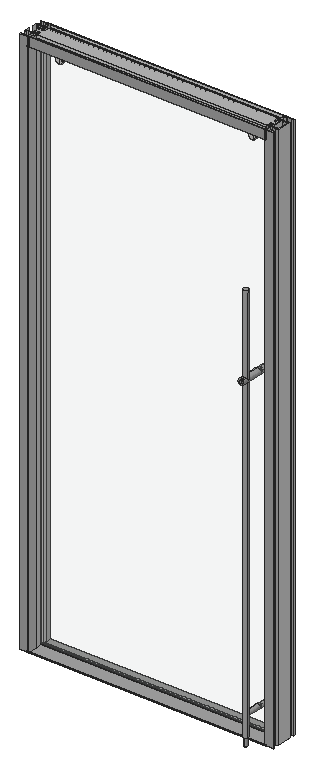
Revit family "Doors_Sliding_Avanti_Systems_Cloud-Eclipse-Sliding-Glass-Pocket-Doors_Solid-wall", category Doors, host Wall, Revit 2022
Family settings
  Host = Wall
  OmniClass Number = 23.30.10.00
  OmniClass Title = Doors
  Always vertical = Yes
  Cut with Voids When Loaded = No
  Shared = No
  Room Calculation Point = No
Parameters (values of type "Load Family Type Catalog")
  Youtube clip = ""
  Weight Net (Kg) = "0"
  Warranty = "1 year"  # constant formula
  Uniformat II Description = "Interior Doors"
  Uniformat II Code = "C1020"
  Uniclass 2015 Name = "Sliding door and partition sets"
  Uniclass 2015 Code = "Pr_30_59_24_80"
  Uniclass 2.0 Description = "Sliding Door And Partition Sets"
  Uniclass 2.0 Code = "PR-59-23-77"
  Uniclass 1.4 Description = "Doors"
  Uniclass 1.4 Code = "JL20"
  URL = "https://www.avantisystemsusa.com"
  UNSPSC Code = "30171501"
  Type = 2
  Thickness = if(Type = 1, 1/2", 3/8")  # 3/8"
  Technical description = "https://www.avantisystemsusa.com/wp-content/uploads/products/17-pocket-doors/POCKET-SLDING-GLASS-DOOR.pdf"
  Sound Rating = 0
  Region South America = "All"
  Region Oceania = "All"
  Region North America = "All"
  Region Middle East = "All"
  Region Europe = "All"
  Region Asia = "All"
  Region Antarctica = "All"
  Region Africa = "All"
  QR code = "http://bimobject.com/avantisystems/product/avanti-eclipse-pocket-door"
  Product url = "https://www.avantisystemsusa.com/glass-products/doors/sliding-doors/pocket-doors/"
  Product group = "Pocket Doors"
  Product family = "Sliding Doors"
  Product data url = "https://bimobject.com/avantisystems/product/avanti-eclipse-pocket-door"
  Product certification = ""
  Product SKU = "avanti-eclipse-pocket-door"
  Product Guid = "fa5a576a-2abc-4d75-8a27-b0dd0871f092"
  OmniClass Description = "Sliding All Glass Doors"
  OmniClass Code = "23-17 11 23 13"
  Nominal width = 0"
  Nominal height = 0"
  NBS Reference Description = "Sliding Door And Partition Sets"
  NBS Reference Code = "59-23-77"
  Model = "Eclipse™ Sliding Glass Pocket Doors"  # constant formula
  Material secondary = "Aluminium"
  Material main = "Glass"
  Masterformat 2014 Description = "Sliding Aluminum-Framed Glass Doors"
  Masterformat 2014 Code = "08 32 13"
  Manufacturer name = "Avanti Systems"
  Manufacturer country = ""
  Manufacturer = "Avanti Systems USA"  # constant formula
  Ladder Pull Height [instance] = 18"
  LEED compatibility = "YES"  # constant formula
  Installation instructions = ""
  IFC Classification = "Door"
  Hardware material [instance] = Stainless Steel - Avanti- Brushed Finish
  Handle type [instance] = Handle : 60" Ladder Pull
  Glass Width [instance] = 35.90164"
  Glass Material = Glass - Avanti - Laminated Glass
  Glass Marker = yes
  Glass Height [instance] = 80.57307"
  Function = Interior
  Frame Projection Ext. = 0.98425"
  Frame Projection Int. = 0.98425"
  Frame Width = 2.95276"
  Height = 82.67717"
  Wall Closure = By host
  Width = 38"
  Frame Parameter [instance] = Polyester powder - Avanti - White aluminium METALLIC - RAL9006
  Edition number = 1
  EAN code = ""
  Design country = "United States"
  Description = "The Pocket Sliding Glass Door slides smoothly into our Solare™ Double Glazed Partition System or a solid traditional wall offering a space saving, ultramodern interior entryway, pleasing to the eye."  # constant formula
  Define Thermal Properties by = Schematic Type
  Date of publishing = ""
  Clear Anodic Finish = "AAMA 611, AA-M12c22A31, Class II, 0.01mm or thicker"  # constant formula
  COBIe Type Category = ""
  Brand url = "http://www.avantisystemsusa.com/"
  BIMobject main category code = "doors"
  BIMobject main category = "Doors"
  BIMobject category code = "doors-sliding"
  BIMobject category = "Sliding"
  Analytic Construction = "<None>"
  60” Locking Ladder Pull [instance] = yes
Reference planes (in)
  plane 1: y = 0
  plane 2 "Center (Left/Right)": x = 0
  plane 3 "Left": x = -19
  plane 4 "Right": x = 19
  plane 5 "Exterior": y = 2.9486
  plane 6 "Interior": y = -2.95691
  plane 7: x = 15.21289
  plane 8: x = 14.46289
  plane 9: x = -14.47244
  plane 10: y = 0.1875
  plane 11: y = -0.1875
  plane 12: z = 82.67717
  plane 13: z = 80.94807
  plane 14: z = 40.47403
  plane 15: z = 18
  plane 16: x = -57
Forms (in)
  Extrusion 1, solid, material "Glass - Avanti - Laminated Glass" <- "Glass Material"
    sketch origin (-3.35101, -0.89893, 0) x (1, 0, 0) y (0, 1, 0)
      loop
        line (-14.62786, 1.08643) -> (-14.62786, 0.71143) -> (21.27378, 0.71143) -> (21.27378, 1.08643) -> (-14.62786, 1.08643)
    from 0.375 to 80.94807
  Sweep 2, solid, material "Polyester powder - Avanti - White aluminium METALLIC - RAL9006" <- "Frame Parameter"
    path origin (-3.14114, -0.00831, 0) x (1, 0, 0) y (0, 0, 1)
      loop
        line (21.0639, 82.67717) -> (21.0639, 0)
    profile origin (17.92277, -0.00831, 41.33858) x (0, -1, 0) y (1, 0, 0)
      loop
        line (-0.96, -0.65725) -> (-0.3916, -0.65725) -> (-0.31686, -0.37561) -> (-0.47457, -0.33335) -> (-0.54529, -0.59725) -> (-0.78, -0.59725) -> (-0.78, 0) -> (0.78, 0) -> (0.78, -0.59725) -> (0.54261, -0.59725) -> (0.47138, -0.33141) -> (0.31303, -0.37384) -> (0.38896, -0.65725) -> (0.96, -0.65725) -> (2, -0.21489) -> (2, 1.08111) -> (1.85056, 1.08111) -> (1.77462, 0.7977) -> (1.94, 0.75339) -> (1.94, -0.00002) -> (0.98901, -0.00002) -> (0.98901, 0.75581) -> (1.14538, 0.7977) -> (1.06996, 1.07917) -> (-1.06996, 1.07917) -> (-1.14538, 0.7977) -> (-0.98901, 0.75581) -> (-0.98901, -0.00002) -> (-1.94, -0.00002) -> (-1.94, 0.75339) -> (-1.77462, 0.7977) -> (-1.85056, 1.08111) -> (-2, 1.08111) -> (-2, -0.21489) -> (-0.96, -0.65725)
      loop
        line (-0.91988, 0.05998) -> (0.91988, 0.05998) -> (0.91988, 1.01917) -> (-0.91988, 1.01917) -> (-0.91988, 0.05998)
      loop
        line (0.94777, -0.59725) -> (1.94, -0.17521) -> (1.94, -0.06002) -> (0.84, -0.06002) -> (0.84, -0.59725) -> (0.94777, -0.59725)
      loop
        line (-0.94777, -0.59725) -> (-0.84, -0.59725) -> (-0.84, -0.06002) -> (-1.94, -0.06002) -> (-1.94, -0.17521) -> (-0.94777, -0.59725)
  Sweep 3, solid, material "Polyester powder - Avanti - White aluminium METALLIC - RAL9006" <- "Frame Parameter"
    path origin (-3.35295, -0.00831, 0) x (1, 0, 0) y (0, 0, 1)
      loop
        line (-14.56602, 82.67717) -> (-14.56602, 0)
    profile origin (-17.91897, -0.00831, 41.33858) x (0, -1, 0) y (1, 0, 0)
      loop
        line (-1.85056, -1.08103) -> (-1.77462, -0.79762) -> (-1.94, -0.75331) -> (-1.94, 0.0001) -> (-0.98901, 0.0001) -> (-0.98901, -0.75573) -> (-1.14538, -0.79762) -> (-1.06996, -1.07909) -> (-0.34, -1.07909) -> (-0.34, -1.01909) -> (-0.91988, -1.01909) -> (-0.91988, -0.0599) -> (-0.34, -0.0599) -> (-0.34, 0) -> (-0.78, 0) -> (-0.78, 0.59733) -> (-0.54529, 0.59733) -> (-0.47457, 0.33343) -> (-0.31686, 0.37569) -> (-0.3916, 0.65732) -> (-0.96001, 0.65732) -> (-2, 0.21497) -> (-2, -1.08103) -> (-1.85056, -1.08103)
      loop
        line (-1.94, 0.0601) -> (-0.84, 0.0601) -> (-0.84, 0.59733) -> (-0.94777, 0.59733) -> (-1.94, 0.17529) -> (-1.94, 0.0601)
      loop
        line (1.85056, -1.08103) -> (2, -1.08103) -> (2, 0.21497) -> (0.96001, 0.65732) -> (0.3916, 0.65732) -> (0.31686, 0.37569) -> (0.47457, 0.33343) -> (0.54529, 0.59733) -> (0.78, 0.59733) -> (0.78, 0) -> (0.34, 0) -> (0.34, -0.0599) -> (0.91988, -0.0599) -> (0.91988, -1.01909) -> (0.34, -1.01909) -> (0.34, -1.07909) -> (1.06996, -1.07909) -> (1.14538, -0.79762) -> (0.98901, -0.75573) -> (0.98901, 0.0001) -> (1.94, 0.0001) -> (1.94, -0.75331) -> (1.77462, -0.79762) -> (1.85056, -1.08103)
      loop
        line (1.94, 0.0601) -> (1.94, 0.17529) -> (0.94777, 0.59733) -> (0.84, 0.59733) -> (0.84, 0.0601) -> (1.94, 0.0601)
  Sweep 4, solid, material "Polyester powder - Avanti - White aluminium METALLIC - RAL9006" <- "Frame Parameter"
    path origin (0.00194, 2.90369, 0.00189) x (1, 0, 0) y (0, 0, 1)
      loop
        line (17.92083, 82.67717) -> (-17.98081, 82.67717)
    profile origin (-0.02805, 2.90369, 82.67906) x (0, 0, -1) y (0, -1, 0)
      loop
        line (0.00189, 0.89328) -> (1.29789, 0.89328) -> (1.74025, 1.93328) -> (1.74025, 2.19328) -> (1.68025, 2.19328) -> (1.68025, 2.11328) -> (1.08274, 2.11328) -> (1.08274, 2.19328) -> (1.02271, 2.19328) -> (1.02271, 1.9734) -> (0.06383, 1.9734) -> (0.06383, 3.81315) -> (1.02302, 3.81315) -> (1.02302, 3.59328) -> (1.08299, 3.59328) -> (1.08299, 3.67328) -> (1.68025, 3.67328) -> (1.68025, 3.59328) -> (1.74025, 3.59328) -> (1.74025, 3.85328) -> (1.29789, 4.89328) -> (0.00189, 4.89328) -> (0.00189, 4.74384) -> (0.2853, 4.6679) -> (0.32961, 4.83328) -> (1.08302, 4.83328) -> (1.08302, 3.88229) -> (0.3272, 3.88229) -> (0.2853, 4.03865) -> (0.00383, 3.96323) -> (0.00383, 1.82332) -> (0.2853, 1.7479) -> (0.3272, 1.90426) -> (1.08302, 1.90426) -> (1.08302, 0.95328) -> (0.32961, 0.95328) -> (0.2853, 1.11865) -> (0.00189, 1.04271) -> (0.00189, 0.89328)
      loop
        line (1.14302, 0.95328) -> (1.25821, 0.95328) -> (1.68025, 1.94551) -> (1.68025, 2.05328) -> (1.14302, 2.05328) -> (1.14302, 0.95328)
      loop
        line (1.14302, 4.83328) -> (1.14302, 3.73328) -> (1.68025, 3.73328) -> (1.68025, 3.84105) -> (1.25821, 4.83328) -> (1.14302, 4.83328)
      loop
        line (1.73293, 2.21775) -> (1.73293, 2.59059) -> (1.59235, 2.59059) -> (1.51068, 2.33893) -> (0.47718, 2.33893) -> (0.39096, 2.61279) -> (0.28936, 2.61279) -> (0.28936, 3.18511) -> (0.39096, 3.18511) -> (0.47718, 3.45647) -> (1.51259, 3.45647) -> (1.59235, 3.17712) -> (1.73293, 3.17712) -> (1.73293, 3.57775) -> (0.15813, 3.57775) -> (0.15813, 2.21775) -> (1.73293, 2.21775)
  Sweep 5, solid, material "Polyester powder - Avanti - White aluminium METALLIC - RAL9006" <- "Frame Parameter"
    path origin (0.00194, 2.94445, 0) x (1, 0, 0) y (0, 0, 1)
      loop
        line (17.92083, 0) -> (-17.98081, 0)
    profile origin (-0.02805, 2.94445, 0) x (0, 0, -1) y (0, -1, 0)
      loop
        line (0, 0.95276) -> (0, 4.95276) -> (-0.06201, 4.95276) -> (-0.59613, 3.28682) -> (-0.14, 3.28682) -> (-0.14, 2.60208) -> (-0.59632, 2.60208) -> (-0.06205, 0.95276) -> (0, 0.95276)
      loop
        line (-0.06, 1.07624) -> (-0.06, 2.56208) -> (-0.54132, 2.56208) -> (-0.06, 1.07624)
      loop
        line (-0.5413, 3.32682) -> (-0.06, 3.32682) -> (-0.06, 4.828) -> (-0.5413, 3.32682)
Lines and regions (in)
  Opening 1
    outline origin (-120.07874, -2.95691, 0) x (1, 0, 0) y (0, 0, 1)
      loop
        line (101.07874, 0) -> (139.07874, 0) -> (139.07874, 82.67717) -> (101.07874, 82.67717) -> (101.07874, 0)
  symbolic lines, style "2d"
    curve 1: line (0, 0.1875, 80.37) -> (0, 0.1875, 80.94807)
    curve 2: line (0, 0.1875, 80.94807) -> (0, 0.07765, 80.94807)
    curve 3: line (0, -0.10545, 80.94807) -> (0, -0.1875, 80.94807)
    curve 4: line (0, -0.1875, 80.37) -> (0, -0.1875, 80.94807)
    curve 5: line (0, 0.1875, 79.61156) -> (0, 0.1875, 0.375)
    curve 6: line (0, -0.1875, 79.61156) -> (0, -0.1875, 0.375)
    curve 7: line (17.92277, 0.1875, 0) -> (-17.97887, 0.1875, 0)
    curve 8: line (-17.97887, -0.1875, 0) -> (17.92083, -0.1875, 0)
    curve 9: line (-17.97887, 0.1875, 0) -> (-17.97887, -0.1875, 0)
    curve 10: line (0, 0.1875, 0.375) -> (0, -0.1875, 0.375)
  symbolic lines, visible <- "Glass Marker"
    curve 11: line (-2.82843, -0.24998, 37.64561) -> (2.82843, -0.24998, 43.30246)
    curve 12: line (0, -0.24998, 38.62608) -> (1.84796, -0.24998, 40.47403)
    curve 13: line (-1.84796, -0.24998, 40.47403) -> (0, -0.24998, 42.32199)
  symbolic lines, not visible
    curve 14: line (-1.84796, 0.25002, 40.47403) -> (1.84796, 0.25002, 40.47403)
    curve 19: line (-1.84534, 0.25002, 22.66367) -> (1.85057, 0.25002, 22.66367)
  model lines, not visible
    curve 15: line (0, 0.25002, 38.62608) -> (0, 0.25002, 42.32199)
    curve 20: line (0.00262, 0.25002, 20.81572) -> (0.00262, 0.25002, 24.51163)
  symbolic lines, visible <- "Glass Marker", not visible
    curve 16: line (-2.82581, -0.24998, 19.83525) -> (2.83104, -0.24998, 25.4921)
    curve 17: line (0.00262, -0.24998, 20.81572) -> (1.85057, -0.24998, 22.66367)
    curve 18: line (-1.84534, -0.24998, 22.66367) -> (0.00262, -0.24998, 24.51163)
  symbolic lines
    curve 21: line (-19, 0.1875, 0) -> (-57, 0.1875, 0)
    curve 22: line (-19, -0.1875, 0) -> (-57, -0.1875, 0)
    curve 23: line (-57, -0.1875, 0) -> (-57, 0.1875, 0)
Text (in)
  text "Exterior" at (-90.35496, 43.28909, 0), in view "Ref. Level"
  text "Exterior" at (0, 63.59764, 145.59372), in view "Left"
  text "Exterior" at (0, 40.78868, 152.55637), in view "Right"
Dimensions and locks (in)
  equal spacing: plane 3 "Left", plane 2 "Center (Left/Right)", plane 4 "Right"
  "Width": plane 3 "Left" to plane 4 "Right"
  locked: plane 5 "Exterior" to host wall
  locked: plane 6 "Interior" to host wall
  locked: plane 7 to plane 4 "Right" at 3.78711
  locked: plane 8 to plane 4 "Right" at 4.53711
  locked: plane 9 to plane 3 "Left" at 4.52756
  "Height": level to plane 12
  plane 12 to host wall = 74.80315"
  locked: plane 12 to plane 13 at 1.7291
  "Thickness": plane 11 to plane 10
  equal spacing: plane 11, plane 1, plane 10
  equal spacing: level, plane 14, plane 13
  "Glass Height": Extrusion 1 to plane 13
  "Glass Width": Extrusion 1 to Extrusion 1
  "Ladder Pull Height": level to plane 15
  locked: nested 7 to curve 7 at 3
  "Width": plane 16 to plane 3 "Left"
  locked: plane 14 to nested 8 at 7
  aligned and locked: plane 3 "Left" to Opening 1 sketch curve
  aligned and locked: Opening 1 sketch curve to plane 4 "Right"
  aligned and locked: Opening 1 sketch curve to level
  aligned and locked: Extrusion 1 to Sweep 2
  aligned and locked: Sweep 3 to Extrusion 1
  aligned and locked: Sweep 5 sketch curve to level
  aligned and locked: level to Sweep 3 sketch curve
  aligned and locked: plane 3 "Left" to Sweep 3
  aligned and locked: plane 8 to nested 1
  aligned and locked: plane 9 to nested 2
  aligned and locked: Extrusion 1 to plane 10
  aligned and locked: plane 11 to Extrusion 1  (x2)
  aligned and locked: plane 10 to curve 1
  aligned and locked: nested 3 to curve 1
  aligned and locked: curve 2 to Extrusion 1
  aligned and locked: plane 11 to curve 4
  aligned and locked: curve 4 to Extrusion 1
  aligned and locked: nested 3 to curve 5
  aligned and locked: plane 10 to Extrusion 1  (x2)
  aligned and locked: curve 5 to plane 10
  aligned and locked: curve 6 to plane 11
  aligned and locked: nested 3 to curve 6
  aligned and locked: Extrusion 1 to curve 6
  aligned and locked: nested 4 to plane 3 "Left"
  aligned and locked: nested 4 to Sweep 3
  aligned and locked: nested 5 to plane 4 "Right"
  aligned and locked: Sweep 2 to nested 5
  aligned and locked: plane 11 to curve 8
  aligned and locked: Sweep 3 to curve 9
  aligned and locked: Sweep 5 to curve 9
  aligned and locked: Sweep 2 to curve 7
  aligned and locked: nested 5 to curve 8
  aligned and locked: plane 12 to nested 3
  aligned and locked: plane 12 to Sweep 4
  aligned and locked: plane 13 to Extrusion 1
  aligned and locked: curve 3 to plane 13
  aligned and locked: nested 6 to level
  aligned and locked: nested 6 to plane 1
  aligned and locked: plane 12 to Opening 1 sketch curve
  aligned and locked: Extrusion 1 to plane 13  (x2)
  aligned and locked: nested 3 to curve 2
  aligned and locked: nested 3 to curve 3
  aligned and locked: plane 1 to nested 2
  aligned and locked: nested 1 to plane 1
  aligned and locked: plane 12 to Sweep 2 sketch curve
  aligned and locked: plane 12 to Sweep 3 sketch curve
  aligned and locked: plane 14 to curve 14
  aligned and locked: curve 15 to plane 2 "Center (Left/Right)"
  aligned and locked: plane 2 "Center (Left/Right)" to nested 7
  aligned and locked: curve 21 to plane 10  (x2)
  aligned and locked: curve 22 to plane 11
  aligned and locked: plane 3 "Left" to curve 21
  aligned and locked: plane 3 "Left" to curve 22
  aligned and locked: plane 16 to curve 21
  aligned and locked: plane 16 to curve 23
  aligned and locked: curve 23 to plane 11
  aligned and locked: nested 8 to plane 2 "Center (Left/Right)"
  aligned and locked: nested 9 to plane 7
  aligned and locked: level to nested 9
  aligned and locked: nested 9 to plane 10
Automatic sketch dimensions
  curve 4 to curve 1 = 0"
  plane 11 to Extrusion 1 sketch curve = 0"
  plane 10 to Extrusion 1 sketch curve = 0"
  Extrusion 1 sketch curve to plane 3 "Left" = 1.02113"
  plane 4 "Right" to Extrusion 1 sketch curve = 1.07723"
  Sweep 2 sketch curve to level = 0"
  plane 4 "Right" to Sweep 2 sketch curve = 1.07723"
  Sweep 2 sketch curve to profile plane = 0"
  Sweep 2 sketch curve to profile plane = 2"
  Sweep 2 sketch curve to Sweep 2 sketch curve = 0.06"  (x5)
  profile plane to Sweep 2 sketch curve = 0"  (x2)
  Sweep 2 sketch curve to Sweep 2 sketch curve = 0"  (x4)
  Sweep 2 sketch curve to Sweep 2 sketch curve = 0.14944"  (x2)
  Sweep 2 sketch curve to profile plane = 0.7977"  (x2)
  Sweep 2 sketch curve to Sweep 2 sketch curve = 0.16538"  (x2)
  Sweep 2 sketch curve to Sweep 2 sketch curve = 0.62925"  (x2)
  Sweep 2 sketch curve to Sweep 2 sketch curve = 0.07542"
  Sweep 2 sketch curve to Sweep 2 sketch curve = 0.15636"  (x2)
  Sweep 2 sketch curve to Sweep 2 sketch curve = 0.02901"
  Sweep 2 sketch curve to Sweep 2 sketch curve = 0.01223"  (x2)
  Sweep 2 sketch curve to Sweep 2 sketch curve = 0.15008"  (x2)
  profile plane to Sweep 2 sketch curve = 0.06002"  (x2)
  Sweep 2 sketch curve to Sweep 2 sketch curve = 0.07988"
  Sweep 2 sketch curve to Sweep 2 sketch curve = 0.23471"
  Sweep 2 sketch curve to Sweep 2 sketch curve = 0.07071"
  Sweep 2 sketch curve to Sweep 2 sketch curve = 0.15368"
  Sweep 2 sketch curve to Sweep 2 sketch curve = 0.15772"
  profile plane to Sweep 2 sketch curve = 0.31303"
  Sweep 2 sketch curve to Sweep 2 sketch curve = 0.07594"  (x2)
  Sweep 2 sketch curve to Sweep 2 sketch curve = 0.15835"
  Sweep 2 sketch curve to Sweep 2 sketch curve = 0.15364"
  Sweep 2 sketch curve to Sweep 2 sketch curve = 0.23739"
  profile plane to Sweep 2 sketch curve = 0.91988"
  Sweep 2 sketch curve to Sweep 2 sketch curve = 0.10777"
  Sweep 2 sketch curve to Sweep 2 sketch curve = 0.06914"
  Sweep 2 sketch curve to Sweep 2 sketch curve = 0.11519"  (x2)
  Sweep 2 sketch curve to Sweep 2 sketch curve = 0.03968"  (x2)
  profile plane to Sweep 2 sketch curve = 0.33141"
  profile plane to Sweep 2 sketch curve = 0.33335"
  Sweep 2 sketch curve to Sweep 2 sketch curve = 0.04243"
  Sweep 2 sketch curve to Sweep 2 sketch curve = 0.04226"
  Sweep 2 sketch curve to profile plane = 0.05998"
  Sweep 2 sketch curve to Sweep 2 sketch curve = 0.04431"  (x2)
  Sweep 2 sketch curve to Sweep 2 sketch curve = 0.69582"  (x2)
  Sweep 2 sketch curve to Sweep 2 sketch curve = 0.0419"
  Sweep 3 sketch curve to plane 3 "Left" = 1.08103"
  Sweep 3 sketch curve to profile plane = 0"  (x2)
  Sweep 3 sketch curve to profile plane = 2"
  Sweep 3 sketch curve to profile plane = 0.0601"
  Sweep 3 sketch curve to Sweep 3 sketch curve = 0.06"  (x9)
  profile plane to Sweep 3 sketch curve = 0.75331"
  Sweep 3 sketch curve to Sweep 3 sketch curve = 0.14944"  (x2)
  profile plane to Sweep 3 sketch curve = 0.79762"  (x2)
  Sweep 3 sketch curve to Sweep 3 sketch curve = 0.16538"  (x2)
  Sweep 3 sketch curve to Sweep 3 sketch curve = 0.62925"  (x2)
  Sweep 3 sketch curve to Sweep 3 sketch curve = 0.07542"
  Sweep 3 sketch curve to Sweep 3 sketch curve = 0.15636"  (x2)
  Sweep 3 sketch curve to Sweep 3 sketch curve = 0.02901"
  Sweep 3 sketch curve to Sweep 3 sketch curve = 0.01224"  (x2)
  Sweep 3 sketch curve to Sweep 3 sketch curve = 0.15008"  (x2)
  Sweep 3 sketch curve to Sweep 3 sketch curve = 0.07988"  (x2)
  Sweep 3 sketch curve to Sweep 3 sketch curve = 0.23471"
  Sweep 3 sketch curve to Sweep 3 sketch curve = 0.07071"
  Sweep 3 sketch curve to Sweep 3 sketch curve = 0.15368"  (x2)
  profile plane to Sweep 3 sketch curve = 0.0599"  (x2)
  Sweep 3 sketch curve to profile plane = 0.34"  (x2)
  Sweep 3 sketch curve to Sweep 3 sketch curve = 0.15772"  (x2)
  profile plane to Sweep 3 sketch curve = 0.31686"
  profile plane to Sweep 3 sketch curve = 0.34"  (x2)
  Sweep 3 sketch curve to Sweep 3 sketch curve = 0.07475"
  Sweep 3 sketch curve to Sweep 3 sketch curve = 0.44"
  Sweep 3 sketch curve to Sweep 3 sketch curve = 0.10777"
  Sweep 3 sketch curve to profile plane = 0.0001"  (x2)
  Sweep 3 sketch curve to Sweep 3 sketch curve = 0.06914"
  Sweep 3 sketch curve to Sweep 3 sketch curve = 0.07594"
  Sweep 3 sketch curve to profile plane = 0.17529"
  Sweep 3 sketch curve to Sweep 3 sketch curve = 0"  (x4)
  Sweep 3 sketch curve to Sweep 3 sketch curve = 0.2834"
  Sweep 3 sketch curve to Sweep 3 sketch curve = 1.01919"
  Sweep 3 sketch curve to Sweep 3 sketch curve = 0.28147"  (x2)
  Sweep 3 sketch curve to Sweep 3 sketch curve = 0.11519"
  Sweep 3 sketch curve to Sweep 3 sketch curve = 0.03968"  (x2)
  Sweep 3 sketch curve to profile plane = 0.33343"  (x2)
  Sweep 3 sketch curve to Sweep 3 sketch curve = 0.04226"  (x2)
  plane 12 to Sweep 4 sketch curve = 0.00189"
  Sweep 4 sketch curve to plane 3 "Left" = 1.02113"
  plane 4 "Right" to Sweep 4 sketch curve = 1.07723"
  Sweep 4 sketch curve to profile plane = 0.00189"  (x2)
  Sweep 4 sketch curve to profile plane = 0.00383"
  Sweep 4 sketch curve to profile plane = 0.06383"
  Sweep 4 sketch curve to profile plane = 0.15813"
  Sweep 4 sketch curve to profile plane = 0.2853"  (x4)
  Sweep 4 sketch curve to profile plane = 0.28936"
  Sweep 4 sketch curve to Sweep 4 sketch curve = 0.0419"  (x2)
  Sweep 4 sketch curve to Sweep 4 sketch curve = 0.04431"  (x2)
  Sweep 4 sketch curve to Sweep 4 sketch curve = 0.1016"  (x2)
  Sweep 4 sketch curve to Sweep 4 sketch curve = 0.08622"  (x2)
  Sweep 4 sketch curve to Sweep 4 sketch curve = 0.54553"
  Sweep 4 sketch curve to Sweep 4 sketch curve = 0.54584"
  Sweep 4 sketch curve to Sweep 4 sketch curve = 0.06003"
  Sweep 4 sketch curve to Sweep 4 sketch curve = 0.05997"
  Sweep 4 sketch curve to Sweep 4 sketch curve = 0.06031"
  Sweep 4 sketch curve to Sweep 4 sketch curve = 0.75341"
  Sweep 4 sketch curve to Sweep 4 sketch curve = 0.06"  (x7)
  Sweep 4 sketch curve to Sweep 4 sketch curve = 0.06028"
  Sweep 4 sketch curve to Sweep 4 sketch curve = 0.11519"  (x2)
  Sweep 4 sketch curve to Sweep 4 sketch curve = 0.03968"  (x2)
  Sweep 4 sketch curve to Sweep 4 sketch curve = 0.42793"
  Sweep 4 sketch curve to Sweep 4 sketch curve = 0.42961"
  Sweep 4 sketch curve to Sweep 4 sketch curve = 0.08168"
  Sweep 4 sketch curve to Sweep 4 sketch curve = 0.07976"
  Sweep 4 sketch curve to Sweep 4 sketch curve = 0.16957"
  Sweep 4 sketch curve to Sweep 4 sketch curve = 0.16766"
  Sweep 4 sketch curve to Sweep 4 sketch curve = 0"  (x3)
  Sweep 4 sketch curve to Sweep 4 sketch curve = 0.05268"
  Sweep 4 sketch curve to Sweep 4 sketch curve = 0.14058"
  Sweep 4 sketch curve to Sweep 4 sketch curve = 0.00732"
  profile plane to Sweep 4 sketch curve = 0.89328"
  Sweep 4 sketch curve to Sweep 4 sketch curve = 0.14944"
  Sweep 4 sketch curve to Sweep 4 sketch curve = 0.62925"  (x2)
  Sweep 4 sketch curve to Sweep 4 sketch curve = 0.07542"
  Sweep 4 sketch curve to Sweep 4 sketch curve = 0.02901"
  Sweep 4 sketch curve to Sweep 4 sketch curve = 0.01223"  (x2)
  Sweep 4 sketch curve to Sweep 4 sketch curve = 0.15008"  (x2)
  Sweep 4 sketch curve to Sweep 4 sketch curve = 0.07988"
  Sweep 4 sketch curve to Sweep 4 sketch curve = 0.08"  (x3)
  Sweep 4 sketch curve to Sweep 4 sketch curve = 0.24435"
  Sweep 4 sketch curve to Sweep 4 sketch curve = 0.14565"
  Sweep 4 sketch curve to Sweep 4 sketch curve = 0.25166"
  Sweep 4 sketch curve to Sweep 4 sketch curve = 0.27386"
  Sweep 4 sketch curve to Sweep 4 sketch curve = 0.58653"
  Sweep 4 sketch curve to Sweep 4 sketch curve = 0.57232"
  Sweep 4 sketch curve to Sweep 4 sketch curve = 0.27136"
  Sweep 4 sketch curve to Sweep 4 sketch curve = 0.12128"
  Sweep 4 sketch curve to Sweep 4 sketch curve = 0.13681"
  Sweep 4 sketch curve to Sweep 4 sketch curve = 0.01552"
  Sweep 4 sketch curve to Sweep 4 sketch curve = 0.2354"
  Sweep 4 sketch curve to Sweep 4 sketch curve = 0.10777"
  Sweep 4 sketch curve to Sweep 4 sketch curve = 0.06914"
  Sweep 4 sketch curve to Sweep 4 sketch curve = 0.07594"
  Sweep 5 sketch curve to plane 3 "Left" = 1.02113"
  plane 4 "Right" to Sweep 5 sketch curve = 1.07723"
  Sweep 5 sketch curve to profile plane = 0"
  profile plane to Sweep 5 sketch curve = 0.06"  (x2)
  profile plane to Sweep 5 sketch curve = 0.06201"
  profile plane to Sweep 5 sketch curve = 0.06205"
  Sweep 5 sketch curve to Sweep 5 sketch curve = 0.08"
  Sweep 5 sketch curve to Sweep 5 sketch curve = 0.4013"
  Sweep 5 sketch curve to Sweep 5 sketch curve = 0.40132"
  Sweep 5 sketch curve to Sweep 5 sketch curve = 0.05483"
  Sweep 5 sketch curve to Sweep 5 sketch curve = 0.055"
  profile plane to Sweep 5 sketch curve = 0.95276"
  Sweep 5 sketch curve to Sweep 5 sketch curve = 0.12348"
  Sweep 5 sketch curve to Sweep 5 sketch curve = 1.48585"
  Sweep 5 sketch curve to Sweep 5 sketch curve = 0.04"  (x2)
  Sweep 5 sketch curve to Sweep 5 sketch curve = 0.68473"
  Sweep 5 sketch curve to Sweep 5 sketch curve = 1.50118"
  Sweep 5 sketch curve to Sweep 5 sketch curve = 0.12476"
Nested families (in)
  nested 1: "Glass to Bar Connector" at (14.46289, 0, 82.15909) x (0, 1, 0) z (0, 0, 1), type "Glass to Bar Connector"
  nested 2: "Glass to Bar Connector" at (-14.47244, 0, 82.15909) x (0, 1, 0) z (0, 0, 1), type "Glass to Bar Connector"
  nested 3: "Door Frame Top" at (0, -0.01697, 82.67717) x (0, 1, 0) z (1, 0, 0), type "Door Frame Top"
  nested 4: "Door Frame Left" at (-17.26358, -0.00831, 0) x (-1, 0, 0) z (0, 0, 1), type "Door Frame Left"
  nested 5: "Door Frame Right" at (17.26358, -0.00831, 0) x (-1, 0, 0) z (0, 0, 1), type "Door Frame Right"
  nested 6: "Drop Down Bottom Door Seal" at (0, 0, 0) x (0, 1, 0) z (1, 0, 0), type "Drop Down Bottom Door Seal"
  nested 7: "Arrow" at (0, 3.1875, 0), type "arrow"
  nested 8: "Arrow" at (0, 2.9486, 47.47403) x (1, 0, 0) z (0, -1, 0), type "arrow"
  nested 9: "Handle" at (16.83789, 1.5625, 38) x (-1, 0, 0) z (0, 1, 0), type <- "Handle type", type "60" Ladder Pull", detail levels medium+fine
    with Locker yes, Thickness 3/8"
Definition of nested family "Glass to Bar Connector"
  Parameters (values of type "Glass to Bar Connector")
    Thickness = 3/8"
    Material = none
    Default Elevation = 0"
  Reference planes (in)
    plane 1 "Center (Front/Back)": y = 0
    plane 2: z = 0
    plane 3 "Center (Left/Right)": x = 0
    plane 4: x = -0.1875
    plane 5: x = 0.1875
    plane 6: x = -0.26859
    plane 7: x = 0.26859
  Forms (in)
    Revolve 1, solid, material <- "Material"
      sketch origin (0, 0, -13.82453) x (1, 0, 0) y (0, 0, 1)
        loop
          line (-0.50751, 13.31951) -> (0.52055, 13.31951) -> (0.52055, 13.81188) -> (0.28803, 13.85847) -> (0.28803, 13.52986) -> (0.22937, 13.52986) -> (0.22937, 13.82453) -> (-0.21265, 13.82453) -> (-0.21265, 13.52986) -> (-0.25587, 13.52986) -> (-0.25587, 13.86153) -> (-0.50751, 13.79365) -> (-0.50751, 13.31951)
        axis (-0.50751, 13.31951) -> (0.52055, 13.31951)
      angle from 0 to 360
    Revolve 2, solid, material <- "Material"
      sketch origin (0, 0, -13.82453) x (1, 0, 0) y (0, 0, 1)
        loop
          line (-0.26859, 11.67377) -> (0.26859, 11.67377) -> (0.26859, 12.26658) -> (0.1875, 12.26658) -> (0.1875, 12.02825) -> (-0.1875, 12.02825) -> (-0.1875, 12.26658) -> (-0.26859, 12.26658) -> (-0.26859, 11.67377)
        axis (-0.26859, 11.67377) -> (0.26859, 11.67377)
      angle from 0 to 360
    Sweep 3, solid, material <- "Material"
      path origin (0, 0, -13.82453) x (1, 0, 0) y (0, 0, 1)
        loop
          line (0, 11.93165) -> (0, 12.95558)
      profile origin (0, 0, -1.38091) x (-1, 0, 0) y (0, -1, 0)
        loop
          circle (0, 0) r 0.08767
  Lines and regions (in)
    reference lines
      curve 1: line (-0.21265, 0, 0) -> (0.22937, 0, 0)
  Dimensions and locks (in)
    equal spacing: plane 5, plane 3 "Center (Left/Right)", plane 4
    "Thickness": plane 5 to plane 4
    locked: plane 4 to plane 6 at 0.08109
    locked: plane 7 to plane 5 at 0.08109
    equal spacing: plane 7, plane 3 "Center (Left/Right)", plane 6
    aligned and locked: level to plane 2
    aligned and locked: plane 6 to Revolve 2 sketch curve
    aligned and locked: Revolve 2 sketch curve to plane 4
    aligned and locked: plane 5 to Revolve 2 sketch curve
    aligned and locked: Revolve 2 sketch curve to plane 7
  Automatic sketch dimensions
    Revolve 1 sketch curve to plane 6 = 0.23892"
    plane 6 to Revolve 1 sketch curve = 0.01273"
    Revolve 1 sketch curve to plane 4 = 0.02515"
    Revolve 1 sketch curve to plane 7 = 0.03923"
    plane 7 to Revolve 1 sketch curve = 0.01944"
    plane 7 to Revolve 1 sketch curve = 0.25196"
    Revolve 1 sketch curve to level = 0.50502"
    Revolve 1 sketch curve to Revolve 1 sketch curve = 0.21035"  (x2)
    Revolve 1 sketch curve to Revolve 1 sketch curve = 0.26379"
    Revolve 1 sketch curve to Revolve 1 sketch curve = 0.28202"
    Revolve 1 sketch curve to Revolve 1 sketch curve = 0.01265"
    Revolve 1 sketch curve to Revolve 1 sketch curve = 0.03394"
    Revolve 1 sketch curve to Revolve 1 sketch curve = 0.037"
    Revolve 1 sketch curve to Revolve 1 sketch curve = 0"  (x3)
    Revolve 2 sketch curve to plane 6 = 0"
    Revolve 2 sketch curve to plane 7 = 0"
    Revolve 2 sketch curve to level = 2.15075"
    Revolve 2 sketch curve to Revolve 2 sketch curve = 0.35447"
    Revolve 2 sketch curve to level = 1.55794"  (x2)
    Revolve 2 sketch curve to Revolve 2 sketch curve = 0"
    Sweep 3 sketch curve to plane 3 "Center (Left/Right)" = 0"
    Sweep 3 sketch curve to level = 1.89287"
    Sweep 3 sketch curve to level = 0.86894"
    Sweep 3 sketch curve to profile plane = 0"
    profile plane to Sweep 3 sketch curve = 0"
    curve 1 to level = 0"
    curve 1 to plane 4 = 0.02515"
    curve 1 to plane 7 = 0.03923"
    radius of Sweep 3 sketch curve = 0.08767"
Definition of nested family "Handle"
  Parameters (values of type "48" Ladder Pull")
    Width = 54.28299"
    Type = 3
    Ladder Pool Height = 18"
    Ladder 60" = if(Type = 5, 1 = 1, 1 = 0)  # no
    Ladder = if(Type = 3, 1 = 1, 1 = 0)  # yes
    Thickness = 1/2"
    Panic hardware = if(Type = 4, 1 = 1, 1 = 0)  # no
    Material = none
    Locker [instance] = yes
    Height = 90 9/16"
    Glass door = if(Type = 2, 1 = 1, 1 = 0)  # no
    Framed door = if(Type = 1, 1 = 1, 1 = 0)  # no
    Default Elevation = 48"
  Types (2): name | Type | Ladder 60" | Ladder
    60" Ladder Pull | 5 | yes | no
    48" Ladder Pull | 3 | no | yes
  Reference planes (in)
    plane 1 "Center (Front/Back)": y = 0
    plane 2: z = 0
    plane 3 "Center (Left/Right)": x = 0
    plane 4 "door_up": z = -1.375
    plane 5 "door_down": z = -1.875
    plane 6: z = -3.25
    plane 7: x = -1.25
    plane 8: x = -43.31449
    plane 9: x = -46.03299
    plane 10: x = -43.31449
    plane 11: y = 51.9375
    plane 12: y = 0.625
    plane 13: y = 11.125
    plane 14: y = 52.5625
    plane 15: y = -38
    plane 16: x = -50.15799
    plane 17 "door": x = 4.125
    plane 18: x = 1.625
    plane 19: y = -20
  Forms (in)
    Sweep 1, solid, material <- "Material", visible <- "Panic hardware"
      path origin (0, 0, 0) x (1, 0, 0) y (0, 1, 0)
        loop
          line (-1.25, 51.9375) -> (-1.25, 4.25)
          arc (-1.25, 4.25) -> (-2.12868, 2.12868) -> (-4.25, 1.25) r 3
          line (-4.25, 1.25) -> (-43.31449, 1.25)
      profile origin (-1.25, 28.09375, 0) x (1, 0, 0) y (0, 0, 1)
        loop
          circle (0.625, 0.625) r 0.625
    Sweep 2, solid, material <- "Material", visible <- "Panic hardware"
      path origin (0, 0, 0) x (1, 0, 0) y (0, 0, 1)
        loop
          line (-43.31449, 0) -> (-44.06449, 0)
          arc (-44.06449, 0) -> (-44.57255, -0.21044) -> (-44.78299, -0.7185) r 0.7185
          line (-44.78299, -0.7185) -> (-44.78299, -1.375)
      profile origin (-43.68949, 0, 0) x (0, 0, -1) y (0, -1, 0)
        loop
          circle (-0.625, -0.625) r 0.625
    Sweep 3, solid, material <- "Material", visible <- "Panic hardware"
      path origin (0, 0, -6.75) x (1, 0, 0) y (0, 0, -1)
        loop
          line (-43.31449, -3.5) -> (-44.06449, -3.5)
          arc (-44.06449, -3.5) -> (-44.57255, -3.71044) -> (-44.78299, -4.2185) r 0.7185
          line (-44.78299, -4.2185) -> (-44.78299, -4.875)
      profile origin (-43.68949, 0, -3.25) x (0, 0, -1) y (0, -1, 0)
        loop
          circle (0.625, -0.625) r 0.625
    Sweep 4, solid, material <- "Material", visible <- "Panic hardware"
      path origin (-30, 0, -6.75) x (-1, 0, 0) y (0, 0, -1)
        loop
          line (13.31449, -3.5) -> (-28.0315, -3.5)
          arc (-28.0315, -3.5) -> (-28.53956, -3.71044) -> (-28.75, -4.2185) r 0.7185
          line (-28.75, -4.2185) -> (-28.75, -4.875)
      profile origin (-22.6415, 0, -3.25) x (0, 0, 1) y (0, -1, 0)
        loop
          circle (-0.625, -0.625) r 0.625
  Cuts and joins
    joined: Sweep 1, Sweep 2
    joined: Sweep 3, Sweep 4
  Dimensions and locks (in)
    "Thickness": plane 5 "door_down" to plane 4 "door_up"
    locked: plane 3 "Center (Left/Right)" to plane 7 at 1.25
    locked: plane 9 to plane 8 at 2.7185
    locked: plane 9 to Sweep 3 sketch curve at 1.25
    locked: Sweep 2 sketch curve to plane 9 at 1.25
    locked: plane 10 to plane 9 at 2.7185
    locked: Sweep 1 sketch curve to plane 1 "Center (Front/Back)" at 1.25
    locked: plane 3 "Center (Left/Right)" to nested 1 at 0.125
    locked: plane 4 "door_up" to plane 2 at 1.375
    locked: plane 6 to plane 5 "door_down" at 1.375
    locked: plane 12 to plane 1 "Center (Front/Back)" at 0.625
    locked: plane 13 to plane 12 at 10.5
    locked: plane 14 to plane 11 at 0.625
    "Height": plane 14 to plane 15
    locked: plane 1 "Center (Front/Back)" to plane 15 at 38
    locked: plane 3 "Center (Left/Right)" to plane 17 "door" at 4.125
    "Width": plane 16 to plane 17 "door"
    locked: plane 16 to plane 10 at 6.8435
    locked: plane 18 to plane 17 "door" at 2.5
    "Ladder Pool Height": plane 19 to plane 15
    aligned and locked: level to plane 2
    aligned and locked: plane 4 "door_up" to cut or joined group of Sweep 1, Sweep 2
    aligned and locked: Sweep 2 sketch curve to plane 4 "door_up"
    aligned and locked: Sweep 3 sketch curve to plane 5 "door_down"
    aligned and locked: plane 6 to Sweep 3 sketch curve
    aligned and locked: plane 7 to Sweep 4 sketch curve
    aligned and locked: Sweep 4 sketch curve to plane 6
    aligned and locked: plane 8 to Sweep 4 sketch curve
    aligned and locked: plane 8 to Sweep 3 sketch curve
    aligned and locked: plane 10 to Sweep 2 sketch curve
    aligned and locked: plane 10 to Sweep 1 sketch curve
    aligned and locked: plane 11 to Sweep 1 sketch curve
    aligned and locked: plane 5 "door_down" to Sweep 4 sketch curve
    aligned and locked: nested 1 to plane 4 "door_up"
    aligned and locked: plane 13 to nested 1
    aligned and locked: nested 2 to plane 4 "door_up"
    aligned and locked: plane 3 "Center (Left/Right)" to nested 2
    aligned and locked: nested 2 to plane 11
    aligned and locked: nested 2 to plane 14
    aligned and locked: plane 18 to nested 3
    aligned and locked: plane 1 "Center (Front/Back)" to nested 3
    aligned and locked: nested 4 to plane 18
    aligned and locked: nested 4 to plane 1 "Center (Front/Back)"
    aligned and locked: nested 5 to plane 4 "door_up"
    aligned and locked: nested 5 to plane 17 "door"
    aligned and locked: nested 5 to plane 1 "Center (Front/Back)"
    aligned and locked: nested 6 to plane 4 "door_up"
    aligned and locked: plane 5 "door_down" to nested 7
    aligned and locked: nested 7 to plane 19
    aligned and locked: plane 19 to nested 6
    aligned and locked: nested 6 to plane 18
    aligned and locked: nested 7 to plane 18
    aligned and locked: plane 4 "door_up" to nested 8
    aligned and locked: plane 15 to nested 8
    aligned and locked: plane 5 "door_down" to nested 9
    aligned and locked: nested 9 to plane 15
    aligned and locked: plane 18 to nested 8
    aligned and locked: plane 18 to nested 9
  Nested families (in)
    nested 1: "Family2" at (-1.125, 11.125, 0.22234), visible <- "Panic hardware", type "Family2"
      with Lock yes
    nested 2: "Family3" at (-0.26102, 51.9375, -1.63602), visible <- "Panic hardware", type "Family3"
      with Thickness 1/2"
    nested 3: "Handle Timber" at (1.625, 0, -1.875), Locker <- "Locker", visible <- "Framed door", type "Handle Timber"
      with Locker yes
    nested 4: "Handle Timber" at (1.625, 0, -1.375) x (1, 0, 0) z (0, 0, -1), Locker <- "Locker", visible <- "Framed door", type "Handle Timber"
      with Locker yes
    nested 5: "Hinged Framed Swing locker" at (3.22214, -1.5625, -5.625), Handle and assembly material <- "Material", visible <- "Glass door", type "Hinged Framed Swing locker"
      with Handle and assembly material none
    nested 6: "Handle_For-Glass_Rounded_600mm" at (1.625, 13.36577, -1.375) x (-1, 0, 0) z (0, 0, -1), Handle Material <- "Material", visible <- "Ladder", type "Handle_For-Glass_Rounded_600mm"
      with Handle Material none, Handle Height 48"
    nested 7: "Handle_For-Glass_Rounded_600mm" at (1.625, -5.36577, -1.875) x (-1, 0, 0) z (0, 0, 1), Handle Material <- "Material", visible <- "Ladder", type "Handle_For-Glass_Rounded_600mm"
      with Handle Material none, Handle Height 48"
    nested 8: "Handle_For-Glass_Rounded_60in" at (1.625, 2.47039, -1.375), visible <- "Ladder 60"", Handle Material <- "Material", type "60""
      with No locker yes, Locker no, Handle Material none, Handle Height 60"
    nested 9: "Handle_For-Glass_Rounded_60in2" at (1.625, 2.47039, -1.875), visible <- "Ladder 60"", Handle Material <- "Material", type "60""
      with No locker no, Locker yes, Handle Material none, Handle Height 60"
  Definition of nested family "Family2"
    Parameters (values of type "Family2")
      Thickness = 1/2"
      Material = none
      Lock = no
      Default Elevation = 0"
    Reference planes (in)
      plane 1 "Center (Front/Back)": y = 0
      plane 2: z = 0
      plane 3 "Center (Left/Right)": x = 0
      plane 4: z = -2.09734
      plane 5: z = -1.59734
    Forms (in)
      Extrusion 1, solid, material <- "Material"
        sketch origin (0, 0, 0) x (0, 1, 0) y (0, 0, 1)
          loop
            line (5.04078, -0.345) -> (5.04078, 0) -> (-2.39922, 0) -> (-2.39922, -0.345) -> (5.04078, -0.345)
        from 0 to 1
      Extrusion 2, solid, material <- "Material"
        sketch origin (0, 0, 0) x (0, 1, 0) y (0, 0, 1)
          loop
            line (-0.3074, -0.345) -> (-1.4374, -0.345) -> (-1.4374, -1.31734) -> (-0.3074, -1.31734) -> (-0.3074, -0.345)
        from 0.32565 to 0.66353
      Extrusion 3, solid, material <- "Material"
        sketch origin (0, 0, 0) x (0, 1, 0) y (0, 0, 1)
          loop
            line (-1.4374, -1.31734) -> (-1.4374, -1.59734) -> (1.43807, -1.59734) -> (1.43807, -1.31734) -> (-1.4374, -1.31734)
          loop
            line (1.45803, -2.09734) -> (-1.41697, -2.09734) -> (-1.41697, -3.82961)
            arc (-1.41697, -3.82961) -> (-1.36191, -3.96254) -> (-1.22897, -4.01761) r 0.188
            line (-1.22897, -4.01761) -> (1.27003, -4.01761)
            arc (1.27003, -4.01761) -> (1.40297, -3.96254) -> (1.45803, -3.82961) r 0.188
            line (1.45803, -3.82961) -> (1.45803, -2.09734)
        from 0 to 1
      Extrusion 4, solid, material <- "Material"
        sketch origin (0, 0, 0) x (0, 1, 0) y (0, 0, 1)
          loop
            arc (-3.2641, -0.65221) -> (-3.242, -0.64306) -> (-3.23285, -0.62096) r 0.03125
            line (-3.23285, -0.62096) -> (-3.23285, 0) -> (-3.4516, 0) -> (-3.4516, -0.62096)
            arc (-3.4516, -0.62096) -> (-3.44244, -0.64306) -> (-3.42035, -0.65221) r 0.03125
            line (-3.42035, -0.65221) -> (-3.2641, -0.65221)
        from 0.32565 to 0.66353
      Extrusion 5, solid, material <- "Material", visible <- "Lock"
        sketch origin (1, 0, 0) x (0, 1, 0) y (0, 0, 1)
          loop
            circle (0.20853, -3.12734) r 0.58
          loop
            circle (0.20853, -3.12734) r 0.5625
          loop
            circle (-0.07272, -3.12734) r 0.22671
        from 0 to 0.25
      Extrusion 6, solid, material <- "Material", visible <- "Lock"
        sketch origin (1, 0, 0) x (0, 1, 0) y (0, 0, 1)
          loop
            circle (0.20853, -3.12734) r 0.5625
        from 0 to 0.20472
      Extrusion 7, solid, material <- "Material", visible <- "Lock", not visible
        sketch origin (1, 0, 0) x (0, 1, 0) y (0, 0, 1)
          loop
            circle (0.20853, -3.12734) r 0.58
          loop
            circle (0.20853, -3.12734) r 0.5625
          loop
            circle (-0.07272, -3.12734) r 0.22671
        from 0 to 0.25
      Extrusion 8, solid, material <- "Material", visible <- "Lock", not visible
        sketch origin (1, 0, 0) x (0, 1, 0) y (0, 0, 1)
          loop
            circle (0.20853, -3.12734) r 0.5625
        from 0 to 0.20472
    Lines and regions (in)
      model lines, not visible
        curve 1: line (0, -0.35397, -3.12734) -> (0, 0.39603, -3.12734)
        curve 2: line (0, -0.35397, -3.12734) -> (0, 0.39603, -3.12734)
    Dimensions and locks (in)
      "Thickness": plane 4 to plane 5
      locked: plane 5 to plane 2 at 1.59734
      aligned and locked: level to plane 2
      aligned and locked: plane 5 to Extrusion 3 sketch curve
      aligned and locked: Extrusion 3 sketch curve to Extrusion 2
      aligned and locked: Extrusion 3 sketch curve to plane 4
  Definition of nested family "Family3"
    Parameters (values of type "Family3")
      Thickness = 0.50125"
      Material = none
      Default Elevation = 0"
    Reference planes (in)
      plane 1 "Center (Front/Back)": y = 0
      plane 2: z = 0
      plane 3 "Center (Left/Right)": x = 0
      plane 4: z = 0.26102
      plane 5: z = -0.24023
    Forms (in)
      Extrusion 1, solid, material <- "Material"
        sketch origin (-0.98898, 0.625, 0.26102) x (0, 0, -1) y (0, 1, 0)
          loop
            line (-0.28125, 0.125) -> (-0.28125, -2.375) -> (0, -2.375) -> (0, 0) -> (0.50125, 0) -> (0.50125, -2.37518) -> (0.78125, -2.37518) -> (0.78125, 0.125) -> (-0.28125, 0.125)
        from 0 to 1.25
      Revolve 2, solid, material <- "Material"
        sketch origin (-0.36398, 0.615, 0.26102) x (0, 0, -1) y (0, 1, 0)
          loop
            line (-0.28125, -0.615) -> (-1.5092, -0.615) -> (-1.5092, -0.995) -> (-0.28125, -0.995) -> (-0.28125, -0.615)
          axis (-1.5092, -0.995) -> (-0.28125, -0.995)
        angle from 0 to 360
    Dimensions and locks (in)
      "Thickness": plane 4 to plane 5
      locked: Extrusion 1 to plane 4 at 0.28125
      locked: plane 5 to Extrusion 1 at 0.28
      aligned and locked: level to plane 2
      aligned and locked: Extrusion 1 to plane 4
      aligned and locked: plane 5 to Extrusion 1
  Definition of nested family "Handle Timber"
    Parameters (values of type "Handle Timber")
      Locker [instance] = yes
      Handle material = none
      Default Elevation = 48"
    Reference planes (in)
      plane 1 "Center (Front/Back)": y = 0
      plane 2: z = 0
      plane 3 "Center (Left/Right)": x = 0
    Forms (in)
      Extrusion 1, solid, material <- "Handle material"
        sketch origin (0, 0.00944, 0.00975) x (-1, 0, 0) y (0, -1, 0.00026)
          loop
            line (0.82036, -6.01526) -> (0.82036, -4.11121)
            arc (0.82036, -4.11121) -> (0, -3.29085) -> (-0.82036, -4.11121) r 0.82036
            line (-0.82036, -4.11121) -> (-0.82036, -6.01526)
            arc (-0.82036, -6.01526) -> (0, -6.83563) -> (0.82036, -6.01526) r 0.82036
          loop
            line (0.82036, -0.95129) -> (0.82036, 0.95276)
            arc (0.82036, 0.95276) -> (0, 1.77313) -> (-0.82036, 0.95276) r 0.82036
            line (-0.82036, 0.95276) -> (-0.82036, -0.95129)
            arc (-0.82036, -0.95129) -> (0, -1.77165) -> (0.82036, -0.95129) r 0.82036
        from -0.36 to -0.00798
      Sweep 2, solid, material <- "Handle material"
        path origin (0, 0.00944, 0.00975) x (-1, 0, 0) y (0, 0.00026, 1)
          loop
            line (0.00372, -0.36) -> (0.00372, -2.13165)
            arc (0.00372, -2.13165) -> (0.19244, -2.58727) -> (0.64805, -2.77599) r 0.64433
            line (0.64805, -2.77599) -> (4.19136, -2.77599)
            arc (4.19136, -2.77599) -> (4.78191, -2.53137) -> (5.02652, -1.94082) r 0.83517
            line (5.02652, -1.94082) -> (5.02652, -0.63757)
        profile origin (-0.00372, 0.00911, -1.23607) x (-1, 0, 0) y (0, 1, -0.00026)
          loop
            circle (0, 0) r 0.3937
      Extrusion 3, solid, material <- "Handle material", visible <- "Locker"
        sketch origin (0, 0.00944, 0.00975) x (-1, 0, 0) y (0, -1, 0.00026)
          loop
            line (0.82009, 4.11958) -> (0.82408, 6.02363)
            arc (0.82408, 6.02363) -> (0.00543, 6.84571) -> (-0.81665, 6.02706) r 0.82036
            line (-0.81665, 6.02706) -> (-0.82063, 4.12301)
            arc (-0.82063, 4.12301) -> (-0.00199, 3.30093) -> (0.82009, 4.11958) r 0.82036
        from -0.36 to -0.01061
    Lines and regions (in)
      reference lines
        curve 1: line (0, 6.84506, 0) -> (0, -6.83627, 0)
        curve 2: line (-5.42022, 0.00893, 0) -> (0.82036, 0.00893, 0)
    Dimensions and locks (in)
      aligned and locked: level to plane 2
  Definition of nested family "Hinged Framed Swing locker"
    Parameters (values of type "Hinged Framed Swing locker")
      Thickness = 1/2"
      Lock = yes
      Handle and assembly material [instance] = none
      Default Elevation = 0"
    Reference planes (in)
      plane 1 "Center (Front/Back)": y = 0
      plane 2: z = 0
      plane 3 "Center (Left/Right)": x = 0
      plane 4: y = 0.59375
      plane 5: y = -0.59375
      plane 6: x = -1
      plane 7: x = 1
      plane 8: y = 0.25
      plane 9: y = -0.25
      plane 10: x = 1.5
      plane 11: z = 8
      plane 12: z = 4.6875
      plane 13: z = 3.6875
      plane 14: z = 3.125
      plane 15: x = 1.38539
      plane 16: z = 2.79297
      plane 17: y = 0.25
      plane 18: y = -0.25
      plane 19: x = 0.90286
      plane 20: z = 6.0625
      plane 21: y = -0.84375
      plane 22: y = -0.80275
      plane 23 "handle_center": z = 2.4375
      plane 24: x = -4.375
      plane 25: y = -1.23355
      plane 26: z = 2.69544
      plane 27: z = 2.17956
      plane 28: y = -2.05222
      plane 29: y = -2.71875
      plane 30: z = 2.69544
      plane 31: z = 2.17956
      plane 32: z = 4.25
      plane 33: z = 3.75
      plane 34: z = 4
    Forms (in)
      Extrusion 1, solid, material <- "Handle and assembly material"
        sketch origin (0, -4, 4) x (1, 0, 0) y (0, 0, -1)
          loop
            line (-1, 0.59375) -> (-1, 0.25) -> (0.90286, 0.25) -> (0.90286, -0.25) -> (-1, -0.25) -> (-1, -0.59375) -> (1, -0.59375) -> (1, 0.59375) -> (-1, 0.59375)
        from 0 to 8
      Extrusion 2, solid, material <- "Handle and assembly material", detail levels fine
        sketch origin (0, -4, 4) x (1, 0, 0) y (0, 0, -1)
          loop
            line (1, 0.25) -> (1, -0.25)
            arc (1, -0.25) -> (1.27121, -0.02121) -> (1.5, 0.25) r 2.09856
            line (1.5, 0.25) -> (1, 0.25)
        from 3.6875 to 4.6875
      Extrusion 3, solid, material <- "Handle and assembly material", detail levels fine
        sketch origin (0, -4, 4) x (1, 0, 0) y (0, 0, -1)
          loop
            line (1, 0.25) -> (1, -0.25)
            arc (1, -0.25) -> (1.0598, -0.20427) -> (1.0921, -0.13627) r 0.16012
            arc (1.0921, -0.13627) -> (1.11202, -0.10046) -> (1.14874, -0.08227) r 0.06897
            line (1.14874, -0.08227) -> (1.30312, -0.08227)
            arc (1.30312, -0.08227) -> (1.36129, -0.05818) -> (1.38539, 0) r 0.08227
            arc (1.38539, 0) -> (1.36129, 0.05818) -> (1.30312, 0.08227) r 0.08227
            line (1.30312, 0.08227) -> (1.14874, 0.08227)
            arc (1.14874, 0.08227) -> (1.11202, 0.10046) -> (1.0921, 0.13627) r 0.06897
            arc (1.0921, 0.13627) -> (1.0598, 0.20427) -> (1, 0.25) r 0.16012
        from 2.79297 to 3.125
      Extrusion 4, solid, material <- "Handle and assembly material", visible <- "Lock", detail levels medium+fine
        sketch origin (1, -4, 4.59375) x (-1, 0, 0) y (0, -1, 0)
          loop
            circle (1, -6.0625) r 0.63654
          loop
            circle (1, -6.0625) r 0.60041
        from 0 to 0.25
      Extrusion 5, solid, material <- "Handle and assembly material", visible <- "Lock", detail levels medium+fine
        sketch origin (1, -4, 4.59375) x (-1, 0, 0) y (0, -1, 0)
          loop
            circle (1, -6.0625) r 0.60041
        from 0 to 0.209
      Blend 6, solid, material <- "Handle and assembly material", visible <- "Lock", detail levels fine
        base sketch origin (1, -4, 4.80275) x (-1, 0, 0) y (0, -1, 0)
          loop
            circle (1, -5.84645) r 0.21605
        top sketch origin (1, -4, 4.80275) x (-1, 0, 0) y (0, -1, 0)
          loop
            circle (1, -5.84645) r 0.19257
        from 0 to 0.041
      Extrusion 7, solid, material <- "Handle and assembly material"
        sketch origin (1, -4, 4.59375) x (-1, 0, 0) y (0, -1, 0)
          loop
            circle (1, -2.4375) r 0.35547
        from 0 to 1.45847
      Extrusion 8, void
        sketch origin (0.04357, -4.04543, 4) x (0, 0, -1) y (-0.017452, 0.999848, 0)
          loop
            line (-1.23355, 2.79297) -> (-1.23355, 2.90667) -> (-2.86779, 2.90667) -> (-2.86779, 2.69544) -> (-1.36779, 2.69544)
            arc (-1.36779, 2.69544) -> (-1.28242, 2.71908) -> (-1.23355, 2.79297) r 0.12635
        from -3.60215 to 0.49573
      Extrusion 9, solid, material <- "Handle and assembly material"
        sketch origin (1, -4, 4.59375) x (-1, 0, 0) y (0, -1, 0)
          loop
            arc (0.71851, -2.22043) -> (0.66353, -2.32283) -> (0.64453, -2.4375) r 0.35547
            arc (0.64453, -2.4375) -> (0.66353, -2.55217) -> (0.71851, -2.65457) r 0.35547
            line (0.71851, -2.65457) -> (5.3098, -2.57443) -> (5.375, -2.50923) -> (5.375, -2.36577) -> (5.3098, -2.30057) -> (0.71851, -2.22043)
        from 1.45847 to 2.125
      Extrusion 10, void
        sketch origin (0.04357, 0.92043, 4) x (0, 0, -1) y (0.017452, 0.999848, 0)
          loop
            arc (-1.23355, -2.79297) -> (-1.28242, -2.71908) -> (-1.36779, -2.69544) r 0.12635
            line (-1.36779, -2.69544) -> (-2.86779, -2.69544) -> (-2.86779, -2.90667) -> (-1.23355, -2.90667) -> (-1.23355, -2.79297)
        from -3.60215 to 0.49573
      Extrusion 11, solid, material <- "Handle and assembly material"
        sketch origin (1, -4, 3.40625) x (0, 1, 0) y (1, 0, 0)
          loop
            circle (2.4375, -1) r 0.35547
        from 0 to 1.45847
      Extrusion 12, void
        sketch origin (0.04357, -4.04543, 4) x (0, 0, 1) y (0.017452, -0.999848, 0)
          loop
            arc (-1.23355, -2.79297) -> (-1.28242, -2.71908) -> (-1.36779, -2.69544) r 0.12635
            line (-1.36779, -2.69544) -> (-2.86779, -2.69544) -> (-2.86779, -2.90667) -> (-1.23355, -2.90667) -> (-1.23355, -2.79297)
        from -3.60215 to 0.49573
      Extrusion 13, solid, material <- "Handle and assembly material"
        sketch origin (1, -4, 3.40625) x (0, 1, 0) y (1, 0, 0)
          loop
            line (2.22043, -0.71851) -> (2.30057, -5.3098) -> (2.36577, -5.375) -> (2.50923, -5.375) -> (2.57443, -5.3098) -> (2.65457, -0.71851)
            arc (2.65457, -0.71851) -> (2.55217, -0.66353) -> (2.4375, -0.64453) r 0.35547
            arc (2.4375, -0.64453) -> (2.32283, -0.66353) -> (2.22043, -0.71851) r 0.35547
        from 1.45847 to 2.125
      Extrusion 14, void
        sketch origin (0.04357, 0.92043, 4) x (0, 0, 1) y (-0.017452, -0.999848, 0)
          loop
            line (-1.23355, 2.79297) -> (-1.23355, 2.90667) -> (-2.86779, 2.90667) -> (-2.86779, 2.69544) -> (-1.36779, 2.69544)
            arc (-1.36779, 2.69544) -> (-1.28242, 2.71908) -> (-1.23355, 2.79297) r 0.12635
        from -3.60215 to 0.49573
    Cuts and joins
      Extrusion 8, Extrusion 10, Extrusion 12, Extrusion 14 cuts Extrusion 7
      Extrusion 10, Extrusion 12, Extrusion 14 cuts Extrusion 9
      joined: Extrusion 7, Extrusion 9
      Extrusion 12, Extrusion 14 cuts Extrusion 11
      Extrusion 12 cuts Extrusion 13
      joined: Extrusion 11, Extrusion 13
    Lines and regions (in)
      reference lines
        curve 1: line (0.35547, -1.5625, 0) -> (-4.39453, -1.5625, 0)
    Dimensions and locks (in)
      plane 4 to plane 5 = 1 3/16"
      plane 6 to plane 7 = 2"
      plane 11 to plane 2 = 8"
      plane 11 to plane 12 to plane 13 to plane 14 to plane 16 = 3 5/16" locked, 1" locked, 9/16" locked, 85/256" locked
      equal spacing: plane 17, plane 1 "Center (Front/Back)", plane 18
      "Thickness": plane 17 to plane 18
      locked: plane 19 to plane 7 at 0.09714
      locked: plane 15 to plane 10 at 0.11461
      equal spacing: plane 6, plane 3 "Center (Left/Right)", plane 7
      locked: plane 11 to plane 20 at 1.9375
      locked: plane 5 to plane 21 at 0.25
      locked: plane 22 to plane 21 at 0.041
      locked: plane 11 to plane 23 "handle_center" at 5.5625
      locked: plane 24 to plane 7 at 5.375
      locked: plane 5 to plane 29 at 2.125
      "Thickness": plane 32 to plane 33
      locked: Extrusion 1 to plane 32 at 0.34375
      locked: plane 33 to Extrusion 1 at 0.34375
      aligned and locked: level to plane 2
      aligned and locked: Extrusion 1 sketch curve to plane 6  (x2)
      aligned and locked: plane 7 to Extrusion 1 sketch curve
      aligned and locked: plane 7 to Extrusion 3 sketch curve  (x2)
      aligned and locked: plane 15 to Extrusion 3 sketch curve
      aligned and locked: plane 7 to Extrusion 2 sketch curve  (x2)
      aligned and locked: plane 10 to Extrusion 2 sketch curve
      aligned and locked: plane 19 to Extrusion 1 sketch curve
      aligned and locked: Extrusion 1 to plane 32
      aligned and locked: plane 33 to Extrusion 1
    Automatic sketch dimensions
      Extrusion 1 sketch curve to plane 12 = 3/32"
      Extrusion 1 sketch curve to Extrusion 1 sketch curve = 11/32"
      plane 13 to Extrusion 1 sketch curve = 1/16"
      Extrusion 1 sketch curve to plane 13 = 9/32"
      plane 23 "handle_center" to Extrusion 2 sketch curve = 0.09981"
      Extrusion 2 sketch curve to plane 3 "Center (Left/Right)" = 0.21269"
      plane 13 to Extrusion 2 sketch curve = 1/16"
      Extrusion 3 sketch curve to Extrusion 3 sketch curve = 0"  (x2)
      plane 19 to Extrusion 3 sketch curve = 0.0325"  (x2)
      Extrusion 3 sketch curve to plane 7 = 0.14874"  (x2)
      Extrusion 3 sketch curve to Extrusion 3 sketch curve = 0.01087"  (x2)
      Extrusion 3 sketch curve to Extrusion 3 sketch curve = 0.08227"
      Extrusion 3 sketch curve to plane 12 = 7/16"
      Extrusion 3 sketch curve to Extrusion 3 sketch curve = 0.09962"
      Extrusion 3 sketch curve to Extrusion 3 sketch curve = 0.1465"
      Extrusion 3 sketch curve to Extrusion 3 sketch curve = 0.06811"  (x2)
      Extrusion 3 sketch curve to Extrusion 3 sketch curve = 0.20701"
      plane 13 to Extrusion 3 sketch curve = 1/16"
      Extrusion 4 sketch curve to Extrusion 4 sketch curve = 0"  (x2)
      Extrusion 4 sketch curve to Extrusion 1 = 1"
      Extrusion 1 to Extrusion 4 sketch curve = 1 15/16"
      Extrusion 5 sketch curve to Extrusion 1 = 1"
      Extrusion 1 to Extrusion 5 sketch curve = 1 15/16"
      Extrusion 7 sketch curve to plane 3 "Center (Left/Right)" = 0"
      plane 25 to Extrusion 7 sketch curve = 0.32895"
      plane 20 to Extrusion 8 sketch curve = 0.80529"
      plane 12 to Extrusion 8 sketch curve = 0.68029"
      Extrusion 8 sketch curve to Extrusion 8 sketch curve = 0.0111"
      Extrusion 8 sketch curve to Extrusion 8 sketch curve = 0.12313"
      Extrusion 8 sketch curve to Extrusion 8 sketch curve = 0.09753"
      Extrusion 8 sketch curve to Extrusion 8 sketch curve = 0.1137"
      Extrusion 9 sketch curve to Extrusion 9 sketch curve = 0"  (x4)
      Extrusion 9 sketch curve to Extrusion 1 = 0.71851"
      Extrusion 9 sketch curve to Extrusion 9 sketch curve = 0.28149"
      Extrusion 1 to Extrusion 9 sketch curve = 3.3098"
      Extrusion 9 sketch curve to Extrusion 9 sketch curve = 0.0652"  (x3)
      Extrusion 1 to Extrusion 9 sketch curve = 2.65457"
      Extrusion 1 to Extrusion 9 sketch curve = 2.57443"
      Extrusion 9 sketch curve to Extrusion 9 sketch curve = 0.21707"
      Extrusion 9 sketch curve to Extrusion 9 sketch curve = 0.14346"
      plane 20 to Extrusion 10 sketch curve = 0.80529"
      plane 12 to Extrusion 10 sketch curve = 0.68029"
      Extrusion 10 sketch curve to Extrusion 10 sketch curve = 0.0111"
      Extrusion 10 sketch curve to Extrusion 10 sketch curve = 0.12313"
      Extrusion 10 sketch curve to Extrusion 10 sketch curve = 0.08537"
      Extrusion 10 sketch curve to Extrusion 10 sketch curve = 0.1137"
      Extrusion 11 sketch curve to plane 3 "Center (Left/Right)" = 0"
      plane 25 to Extrusion 11 sketch curve = 0.32895"
      plane 27 to Extrusion 12 sketch curve = 1.04735"
      Extrusion 12 sketch curve to plane 26 = 0.06323"
      Extrusion 12 sketch curve to plane 26 = 0.05213"
      Extrusion 12 sketch curve to plane 16 = 0.02652"
      Extrusion 12 sketch curve to Extrusion 12 sketch curve = 0.08537"
      Extrusion 12 sketch curve to Extrusion 12 sketch curve = 0.1137"
      Extrusion 13 sketch curve to Extrusion 13 sketch curve = 0"  (x2)
      Extrusion 13 sketch curve to plane 24 = 0"
      Extrusion 13 sketch curve to plane 3 "Center (Left/Right)" = 0"
      plane 28 to Extrusion 13 sketch curve = 0.27265"
      Extrusion 13 sketch curve to plane 24 = 0.0652"  (x2)
      plane 28 to Extrusion 13 sketch curve = 0.35279"
      Extrusion 13 sketch curve to Extrusion 13 sketch curve = 0.0652"  (x2)
